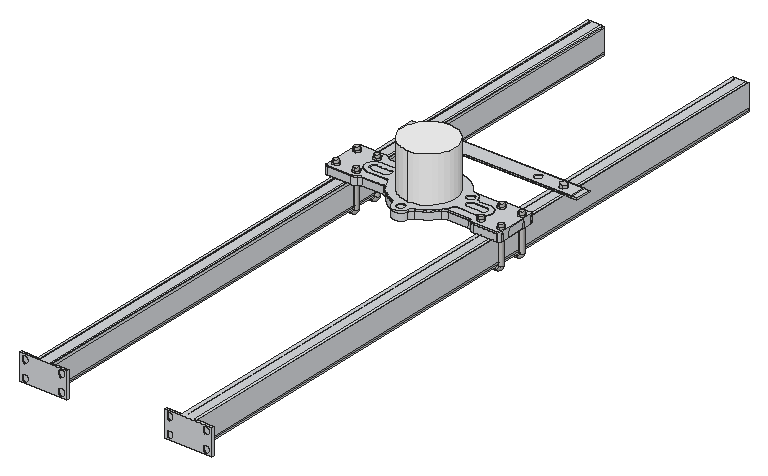
Revit family "Plate_System_Water_Coolers-Zurn_Z1218", category Plumbing Fixtures, host Face, Revit 2022
Family settings
  Host = Face
  Round Connector Dimension = Use Radius
  Part Type = Normal
  OmniClass Number = 23.45.55.11
  OmniClass Title = Sanitary Components
  Cut with Voids When Loaded = No
  Maintain Annotation Orientation = No
  Shared = No
  Room Calculation Point = No
Parameters (values of type "Z1218-3")
  Waste Connection = 1 = 1  # yes
  WFU = 1  # constant formula
  Vent Connection = 1 = 0  # no
  Product data url = "https://bimobject.com/zurnindustries/product/zurn-z1218"
  Outlet Nominal Diameter = 3.000"
  Outlet Nominal Radius = Outlet Nominal Diameter / 2  # 1.500"
  Modified Date = "11/21/2025"  # constant formula
  Manufacturer Brand = "Zurn"  # constant formula
  Hanger Vertical Adjustment [instance] = 45.000"
  URL = "http://www.zurn.com/"
  Range for Vertical Adjustment [instance] = "15'' - 55''"  # constant formula
  Range for Horizontal Adjustment [instance] = "4.375''"  # constant formula
  Product Page URL = "https://www.zurn.com/products/building-drainage/carriers-fixture-supports/lavatory-sink-carriers/z1218"
  Product Documentation Link = "https://files.zurn.com/spec-sheets/z1218.pdf"
  Model = "Z1218-3"
  Manufacturer = "Zurn Water, LLC"  # constant formula
  Hanger Horizontal Adjustment [instance] = 4.375"
  HWFU = 0  # constant formula
  HW Connection = 1 = 0  # no
  Flush Flow = 0.0 L/s
  Description = "COUPLING TYPE SYSTEM WALL URINAL / SERVICE SINK"  # constant formula
  Default Elevation = 0.000"
  Date Created = "11/13/2018"  # constant formula
  Coupling Radius = Coupling Diameter / 2  # 2.500"
  Coupling Diameter = 5.000"
  Coupling = Plastic - Zurn - White
  CWFU = 0  # constant formula
  CW Connection = 1 = 0  # no
  Bracket = Steel - Zurn - Stainless - A.R.E Coated - Type - 304
  Body = Steel - Zurn - Stainless - Type - 304
  Assembly Code = "D2010210"
Reference planes
  plane 1 "Center (Front/Back)": y = 0
  plane 2: z = 0
  plane 3 "Center (Left/Right)": x = 0
  plane 4: x = -195.411
  plane 5: x = 195.432
  plane 6: y = 1162.05
  plane 7: y = 1123.95
  plane 8: y = 1003.3
  plane 9: y = 901.7
  plane 10: x = 157.311
  plane 11: x = -157.311
  plane 12: x = -209.277
  plane 13: x = 223.689
  plane 14: y = 1681.162
  plane 15: x = -212.716
  plane 16: x = 212.716
  plane 17: x = -77.068
Lines and regions (mm)
  Masking region 1, detail levels fine
    outline origin (0, 0, 0) x (1, 0, 0) y (0, 1, 0)
      loop
        line (-195.432, 1681.162) -> (-195.432, 1162.05) -> (-209.277, 1162.05) -> (-209.277, 1123.95) -> (-195.432, 1123.95) -> (-195.432, 1003.3) -> (-212.716, 1003.3) -> (-212.716, 901.7) -> (-195.432, 901.7) -> (-195.432, 4.762) -> (-233.511, 4.762) -> (-233.511, 0) -> (-119.211, 0) -> (-119.211, 4.762) -> (-157.332, 4.762) -> (-157.332, 901.7) -> (-149.81, 901.7)
        arc (-149.81, 901.7) -> (-143.153, 903.061) -> (-137.564, 906.925) r 16.964
        arc (-137.564, 906.925) -> (-133.628, 909.647) -> (-128.939, 910.605) r 11.947
        line (-128.939, 910.605) -> (-77.635, 910.605)
        arc (-77.635, 910.605) -> (-72.368, 909.286) -> (-68.342, 905.642) r 11.181
        arc (-68.342, 905.642) -> (-50.195, 886.205) -> (-26.818, 873.529) r 82.728
        arc (-26.818, 873.529) -> (-21.6, 869.885) -> (-19.049, 864.055) r 11.749
        arc (-19.049, 864.055) -> (0.58, 846.87) -> (20.401, 863.832) r 19.931
        arc (20.401, 863.832) -> (23.134, 869.987) -> (28.628, 873.879) r 12.7
        arc (28.628, 873.879) -> (51.057, 886.232) -> (68.634, 904.851) r 82.728
        arc (68.634, 904.851) -> (73.385, 909.079) -> (79.559, 910.605) r 13.247
        line (79.559, 910.605) -> (128.939, 910.605)
        arc (128.939, 910.605) -> (134.511, 909.496) -> (139.233, 906.337) r 14.548
        arc (139.233, 906.337) -> (144.364, 902.905) -> (150.418, 901.7) r 15.807
        line (150.418, 901.7) -> (157.332, 901.7) -> (157.332, 4.762) -> (119.211, 4.762) -> (119.211, 0) -> (233.511, 0) -> (233.511, 4.762) -> (195.432, 4.762) -> (195.432, 901.7) -> (212.716, 901.7) -> (212.716, 1003.3) -> (195.432, 1003.3) -> (195.432, 1123.95) -> (223.689, 1123.95) -> (223.689, 1162.05) -> (195.432, 1162.05) -> (195.432, 1681.162) -> (157.332, 1681.162) -> (157.332, 1162.05) -> (-157.332, 1162.05) -> (-157.332, 1681.162) -> (-195.432, 1681.162)
Dimensions and locks
  plane 5 to plane 10 to plane 4 = 1.5008", 13.88672"
  plane 12 to plane 4 = 0.54589"
  plane 13 to plane 5 = 1.11249"
  plane 6 to plane 7 = 1.500"
  plane 6 to plane 8 = 6.250"
  plane 6 to plane 9 = 10.250"
  plane 17 to plane 3 "Center (Left/Right)" to nested 1 = 3.03416", 2.500"
  aligned and locked: plane 2 to host face
  aligned and locked: level to host face
  aligned and locked: plane 6 to nested 1
  aligned and locked: plane 7 to nested 1
  aligned and locked: plane 16 to nested 1
  aligned and locked: Masking region 1 sketch curve to plane 8  (x2)
  aligned and locked: plane 9 to Masking region 1 sketch curve  (x3)
  aligned and locked: Masking region 1 sketch curve to plane 6  (x3)
  aligned and locked: plane 8 to Masking region 1 sketch curve
  aligned and locked: plane 7 to Masking region 1 sketch curve  (x2)
  aligned and locked: Masking region 1 sketch curve to nested 1  (x9)
Automatic sketch dimensions
  host sketch curve to host sketch curve = 96.000"  (x2)
  plane 1 "Center (Front/Back)" to Masking region 1 sketch curve = 0.000"  (x2)
  Masking region 1 sketch curve to plane 15 = 0.000"
  Masking region 1 sketch curve to plane 12 = 0.000"
  Masking region 1 sketch curve to plane 14 = 0.000"  (x2)
  Masking region 1 sketch curve to plane 5 = 0.000"  (x3)
  Masking region 1 sketch curve to plane 16 = 0.000"
  Masking region 1 sketch curve to plane 13 = 0.000"
  plane 15 to Masking region 1 sketch curve = 0.81871"
  Masking region 1 sketch curve to plane 4 = 0.0008"  (x3)
  plane 11 to Masking region 1 sketch curve = 0.0008"  (x2)
  Masking region 1 sketch curve to plane 11 = 1.500"
  plane 3 "Center (Left/Right)" to Masking region 1 sketch curve = 0.02726"
  Masking region 1 sketch curve to Masking region 1 sketch curve = 1.27036"
  Masking region 1 sketch curve to Masking region 1 sketch curve = 1.94411"
  Masking region 1 sketch curve to plane 1 "Center (Front/Back)" = 0.1875"  (x2)
  plane 10 to Masking region 1 sketch curve = 1.500"
  Masking region 1 sketch curve to plane 10 = 0.0008"  (x2)
  Masking region 1 sketch curve to plane 13 = 0.38671"
  Masking region 1 sketch curve to Masking region 1 sketch curve = 0.1875"  (x2)
  Masking region 1 sketch curve to plane 9 = 1.56534"
  Masking region 1 sketch curve to Masking region 1 sketch curve = 0.26489"
  Masking region 1 sketch curve to plane 9 = 0.17097"
  Masking region 1 sketch curve to Masking region 1 sketch curve = 0.000"  (x2)
Nested families
  nested 1: "Z1218" at (53.836, 0, 0), type "Z1217-F32"
Connectors
  piping at (0.414, 952.72, -131.818), diameter 76.2, driven by "Waste Connection", driven by "Outlet Nominal Radius"
    settings: on nested 1, index 1, connector inside diameter 609.6 mm, connector length 0.000", flow factor 0, pipe flow 0.0 L/s, pressure drop 0.0 Pa, fitting loss kfactor 0, connector angle 0.00°, fixture units 0, engagement length 0.000", angle of deflection 0.00°, flow configuration 0, flow direction 2, fitting loss method 0, system type 16, joint type 0, gender type 0, connector reference index -1, connector utility 1, adjustable connector no, is connector primary yes, connector description "Sanitary Outlet"
  piping at (0, 952.5, 0), diameter 127, driven by "Waste Connection", driven by "Coupling Radius"
    settings: on nested 1, index 2, connector inside diameter 609.6 mm, connector length 0.000", flow factor 0, pipe flow 0.0 L/s, pressure drop 0.0 Pa, fitting loss kfactor 0, connector angle 0.00°, fixture units 0, engagement length 0.000", angle of deflection 0.00°, flow configuration 0, flow direction 1, fitting loss method 0, system type 16, joint type 0, gender type 0, connector reference index -1, connector utility 1, adjustable connector no, is connector primary no, connector description "Sanitary Inlet"
Definition of nested family "Z1218"
  Parameters (values of type "Z1218")
    a = 9.000"
    Hanger Vertical Dimension = if(Hanger Vertical Adjustment > 55.000", 55.000", if(Hanger Vertical Adjustment < 15.000", 15.000", Hanger Vertical Adjustment))  # 50.000"
    Hanger Vertical Adjustment = 50.000"
    Hanger Horizontal Dimension = 4.375"
    Hanger Horizontal Adjustment = 4.375"
    Default Elevation = 0.000"
    Coupling Radius = 5.000" / 2  # 2.500"
    Coupling Diameter [instance] = 5.000"
    Bracket Material = none
    Bolt Material = none
  Reference planes
    plane 1 "Center (Front/Back)": y = 0
    plane 2: z = 0
    plane 3 "Center (Left/Right)": x = 0
    plane 4: x = 122.525
    plane 5: x = -230.198
    plane 6: z = -111.125
    plane 7: y = 1111.25
    plane 8: y = 1079.5
    plane 9: y = 157.162
    plane 10: y = 1270
    plane 11: x = -205.726
    plane 12: x = -53.836
    plane 13: y = 1102.423
    plane 14: x = -168.136
    plane 15: x = 60.464
    plane 16: y = 1681.162
    plane 17: x = -117.336
    plane 18: x = 9.664
    plane 19: y = 1016
    plane 20: y = 1143
    plane 21: x = -230.198
  Forms (mm)
    Sweep 1, solid, material <- "Bracket Material", detail levels fine
      path origin (0, 0, 0) x (1, 0, 0) y (0, 1, 0)
        loop
          line (-230.198, 0) -> (-230.198, 4.762)
      profile origin (-230.198, 2.381, 0) x (-1, 0, 0) y (0, 0, 1)
        loop
          line (57.15, -131.818) -> (-57.15, -131.818) -> (-57.15, -195.318) -> (57.15, -195.318) -> (57.15, -131.818)
        loop
          line (-37.308, -145.311) -> (-37.308, -141.343)
          arc (-37.308, -141.343) -> (-44.45, -134.201) -> (-51.592, -141.343) r 7.142
          line (-51.592, -141.343) -> (-51.592, -145.311)
          arc (-51.592, -145.311) -> (-44.45, -152.453) -> (-37.308, -145.311) r 7.142
        loop
          line (37.308, -182.618) -> (37.308, -186.586)
          arc (37.308, -186.586) -> (44.45, -193.728) -> (51.592, -186.586) r 7.142
          line (51.592, -186.586) -> (51.592, -182.618)
          arc (51.592, -182.618) -> (44.45, -175.476) -> (37.308, -182.618) r 7.142
        loop
          line (-37.308, -185.793) -> (-37.308, -181.826)
          arc (-37.308, -181.826) -> (-44.45, -174.684) -> (-51.592, -181.826) r 7.142
          line (-51.592, -181.826) -> (-51.592, -185.793)
          arc (-51.592, -185.793) -> (-44.45, -192.936) -> (-37.308, -185.793) r 7.142
        loop
          arc (37.308, -145.311) -> (44.45, -152.453) -> (51.592, -145.311) r 7.142
          line (51.592, -145.311) -> (51.592, -141.343)
          arc (51.592, -141.343) -> (44.45, -134.201) -> (37.308, -141.343) r 7.142
          line (37.308, -141.343) -> (37.308, -145.311)
    Sweep 2, solid, material <- "Bracket Material", detail levels fine
      path origin (0, 0, 0) x (1, 0, 0) y (0, 1, 0)
        loop
          line (-230.198, 0) -> (-230.198, 1681.162)
      profile origin (-230.198, 840.581, 0) x (-1, 0, 0) y (0, 0, 1)
        loop
          line (15.875, -188.968) -> (15.875, -138.168)
          arc (15.875, -138.168) -> (14.945, -135.923) -> (12.7, -134.993) r 3.175
          line (12.7, -134.993) -> (-12.7, -134.993)
          arc (-12.7, -134.993) -> (-14.945, -135.923) -> (-15.875, -138.168) r 3.175
          line (-15.875, -138.168) -> (-15.875, -188.968)
          arc (-15.875, -188.968) -> (-14.945, -191.214) -> (-12.7, -192.143) r 3.175
          line (-12.7, -192.143) -> (12.7, -192.143)
          arc (12.7, -192.143) -> (14.945, -191.214) -> (15.875, -188.968) r 3.175
        loop
          arc (19.05, -138.168) -> (17.19, -133.678) -> (12.7, -131.818) r 6.35
          line (12.7, -131.818) -> (-12.7, -131.818)
          arc (-12.7, -131.818) -> (-17.19, -133.678) -> (-19.05, -138.168) r 6.35
          line (-19.05, -138.168) -> (-19.05, -188.968)
          arc (-19.05, -188.968) -> (-17.19, -193.459) -> (-12.7, -195.318) r 6.35
          line (-12.7, -195.318) -> (12.7, -195.318)
          arc (12.7, -195.318) -> (17.19, -193.459) -> (19.05, -188.968) r 6.35
          line (19.05, -188.968) -> (19.05, -138.168)
    Sweep 3, solid, material <- "Bracket Material", detail levels fine
      path origin (0, 0, 0) x (-1, 0, 0) y (0, 1, 0)
        loop
          line (-122.525, 0) -> (-122.525, 4.762)
      profile origin (122.525, 2.381, 0) x (-1, 0, 0) y (0, 0, 1)
        loop
          line (-57.15, -131.818) -> (-57.15, -195.318) -> (57.15, -195.318) -> (57.15, -131.818) -> (-57.15, -131.818)
        loop
          arc (37.308, -145.311) -> (44.45, -152.453) -> (51.592, -145.311) r 7.142
          line (51.592, -145.311) -> (51.592, -141.343)
          arc (51.592, -141.343) -> (44.45, -134.201) -> (37.308, -141.343) r 7.142
          line (37.308, -141.343) -> (37.308, -145.311)
        loop
          arc (-37.308, -182.618) -> (-44.45, -175.476) -> (-51.592, -182.618) r 7.142
          line (-51.592, -182.618) -> (-51.592, -186.586)
          arc (-51.592, -186.586) -> (-44.45, -193.728) -> (-37.308, -186.586) r 7.142
          line (-37.308, -186.586) -> (-37.308, -182.618)
        loop
          arc (37.308, -185.793) -> (44.45, -192.936) -> (51.592, -185.793) r 7.142
          line (51.592, -185.793) -> (51.592, -181.826)
          arc (51.592, -181.826) -> (44.45, -174.684) -> (37.308, -181.826) r 7.142
          line (37.308, -181.826) -> (37.308, -185.793)
        loop
          line (-37.308, -145.311) -> (-37.308, -141.343)
          arc (-37.308, -141.343) -> (-44.45, -134.201) -> (-51.592, -141.343) r 7.142
          line (-51.592, -141.343) -> (-51.592, -145.311)
          arc (-51.592, -145.311) -> (-44.45, -152.453) -> (-37.308, -145.311) r 7.142
    Sweep 4, solid, material <- "Bracket Material", detail levels fine
      path origin (0, 0, 0) x (-1, 0, 0) y (0, 1, 0)
        loop
          line (-122.525, 0) -> (-122.525, 1681.162)
      profile origin (122.525, 840.581, 0) x (-1, 0, 0) y (0, 0, 1)
        loop
          arc (-15.875, -188.968) -> (-14.945, -191.214) -> (-12.7, -192.143) r 3.175
          line (-12.7, -192.143) -> (12.7, -192.143)
          arc (12.7, -192.143) -> (14.945, -191.214) -> (15.875, -188.968) r 3.175
          line (15.875, -188.968) -> (15.875, -138.168)
          arc (15.875, -138.168) -> (14.945, -135.923) -> (12.7, -134.993) r 3.175
          line (12.7, -134.993) -> (-12.7, -134.993)
          arc (-12.7, -134.993) -> (-14.945, -135.923) -> (-15.875, -138.168) r 3.175
          line (-15.875, -138.168) -> (-15.875, -188.968)
        loop
          line (-19.05, -138.168) -> (-19.05, -188.968)
          arc (-19.05, -188.968) -> (-17.19, -193.459) -> (-12.7, -195.318) r 6.35
          line (-12.7, -195.318) -> (12.7, -195.318)
          arc (12.7, -195.318) -> (17.19, -193.459) -> (19.05, -188.968) r 6.35
          line (19.05, -188.968) -> (19.05, -138.168)
          arc (19.05, -138.168) -> (17.19, -133.678) -> (12.7, -131.818) r 6.35
          line (12.7, -131.818) -> (-12.7, -131.818)
          arc (-12.7, -131.818) -> (-17.19, -133.678) -> (-19.05, -138.168) r 6.35
    Sweep 5, solid, material <- "Bracket Material", detail levels fine
      path origin (0, 0, -173.093) x (1, 0, 0) y (0, 0, 1)
        loop
          line (0, 41.275) -> (0, 58.793)
      profile origin (0, 0, -123.059) x (-1, 0, 0) y (0, -1, 0)
        loop
          arc (259.574, -1130.3) -> (265.157, -1127.618) -> (266.552, -1121.584) r 7.152
          arc (266.552, -1121.584) -> (264.734, -1118.754) -> (261.518, -1117.764) r 4.898
          arc (261.518, -1117.764) -> (257.296, -1117.573) -> (253.192, -1116.567) r 21.704
          arc (253.192, -1116.567) -> (249.424, -1111.25) -> (253.192, -1105.933) r 5.636
          arc (253.192, -1105.933) -> (257.801, -1104.86) -> (262.532, -1104.812) r 21.704
          arc (262.532, -1104.812) -> (265.35, -1103.884) -> (266.552, -1101.172) r 3.658
          line (266.552, -1101.172) -> (266.552, -1057.989)
          arc (266.552, -1057.989) -> (265.35, -1055.277) -> (262.532, -1054.349) r 3.658
          arc (262.532, -1054.349) -> (257.801, -1054.301) -> (253.192, -1053.228) r 21.704
          arc (253.192, -1053.228) -> (249.424, -1047.911) -> (253.192, -1042.594) r 5.636
          arc (253.192, -1042.594) -> (256.857, -1041.656) -> (260.629, -1041.368) r 21.704
          arc (260.629, -1041.368) -> (265.598, -1038.792) -> (266.232, -1033.23) r 5.953
          arc (266.232, -1033.23) -> (263.601, -1029.94) -> (259.574, -1028.7) r 7.158
          line (259.574, -1028.7) -> (203.647, -1028.7)
          arc (203.647, -1028.7) -> (196.989, -1030.061) -> (191.4, -1033.925) r 16.964
          arc (191.4, -1033.925) -> (187.464, -1036.647) -> (182.776, -1037.605) r 11.947
          line (182.776, -1037.605) -> (131.471, -1037.605)
          arc (131.471, -1037.605) -> (126.204, -1036.286) -> (122.179, -1032.642) r 11.181
          arc (122.179, -1032.642) -> (104.031, -1013.205) -> (80.654, -1000.529) r 82.728
          arc (80.654, -1000.529) -> (75.436, -996.885) -> (72.885, -991.055) r 11.749
          arc (72.885, -991.055) -> (53.256, -973.87) -> (33.435, -990.832) r 19.931
          arc (33.435, -990.832) -> (30.703, -996.987) -> (25.208, -1000.879) r 12.7
          arc (25.208, -1000.879) -> (2.779, -1013.232) -> (-14.798, -1031.851) r 82.728
          arc (-14.798, -1031.851) -> (-19.549, -1036.079) -> (-25.723, -1037.605) r 13.247
          line (-25.723, -1037.605) -> (-75.103, -1037.605)
          arc (-75.103, -1037.605) -> (-80.675, -1036.496) -> (-85.397, -1033.337) r 14.548
          arc (-85.397, -1033.337) -> (-90.527, -1029.905) -> (-96.581, -1028.7) r 15.807
          line (-96.581, -1028.7) -> (-151.902, -1028.7)
          arc (-151.902, -1028.7) -> (-157.058, -1030.888) -> (-159.066, -1036.117) r 7.169
          arc (-159.066, -1036.117) -> (-157.338, -1039.913) -> (-153.434, -1041.379) r 5.454
          arc (-153.434, -1041.379) -> (-149.42, -1041.618) -> (-145.52, -1042.594) r 21.704
          arc (-145.52, -1042.594) -> (-141.752, -1047.911) -> (-145.52, -1053.228) r 5.636
          arc (-145.52, -1053.228) -> (-150.128, -1054.301) -> (-154.86, -1054.349) r 21.704
          arc (-154.86, -1054.349) -> (-157.677, -1055.277) -> (-158.88, -1057.989) r 3.658
          line (-158.88, -1057.989) -> (-158.88, -1101.172)
          arc (-158.88, -1101.172) -> (-157.677, -1103.884) -> (-154.86, -1104.812) r 3.658
          arc (-154.86, -1104.812) -> (-150.128, -1104.86) -> (-145.52, -1105.933) r 21.704
          arc (-145.52, -1105.933) -> (-141.752, -1111.25) -> (-145.52, -1116.567) r 5.636
          arc (-145.52, -1116.567) -> (-149.624, -1117.573) -> (-153.845, -1117.764) r 21.704
          arc (-153.845, -1117.764) -> (-157.061, -1118.754) -> (-158.88, -1121.584) r 4.898
          arc (-158.88, -1121.584) -> (-157.484, -1127.618) -> (-151.902, -1130.3) r 7.152
          line (-151.902, -1130.3) -> (-96.404, -1130.3)
          arc (-96.404, -1130.3) -> (-90.416, -1129.119) -> (-85.325, -1125.752) r 15.769
          arc (-85.325, -1125.752) -> (-80.628, -1122.646) -> (-75.103, -1121.556) r 14.548
          line (-75.103, -1121.556) -> (-25.723, -1121.556)
          arc (-25.723, -1121.556) -> (-19.549, -1123.083) -> (-14.798, -1127.31) r 13.247
          arc (-14.798, -1127.31) -> (53.9, -1163.241) -> (122.179, -1126.519) r 82.728
          arc (122.179, -1126.519) -> (126.204, -1122.875) -> (131.471, -1121.556) r 11.181
          line (131.471, -1121.556) -> (182.776, -1121.556)
          arc (182.776, -1121.556) -> (187.643, -1122.593) -> (191.665, -1125.522) r 11.947
          arc (191.665, -1125.522) -> (196.512, -1129.051) -> (202.376, -1130.3) r 14.394
          line (202.376, -1130.3) -> (259.574, -1130.3)
        loop
          circle (205.591, -1111.25) r 5.556
        loop
          circle (205.591, -1047.75) r 5.556
        loop
          circle (-97.939, -1111.25) r 5.556
        loop
          circle (-97.939, -1047.75) r 5.556
        loop
          circle (53.422, -1079.72) r 38.1
        loop
          circle (53.144, -993.007) r 9.474
        loop
          circle (-30.665, -1101.908) r 9.474
        loop
          circle (137.509, -1101.908) r 9.474
        loop
          arc (186.443, -1089.37) -> (196.313, -1079.5) -> (186.443, -1069.63) r 9.87
          line (186.443, -1069.63) -> (154.782, -1069.63)
          arc (154.782, -1069.63) -> (144.911, -1079.5) -> (154.782, -1089.37) r 9.87
          line (154.782, -1089.37) -> (186.443, -1089.37)
        loop
          line (-79.598, -1089.37) -> (-47.937, -1089.37)
          arc (-47.937, -1089.37) -> (-38.066, -1079.5) -> (-47.937, -1069.63) r 9.87
          line (-47.937, -1069.63) -> (-79.598, -1069.63)
          arc (-79.598, -1069.63) -> (-89.468, -1079.5) -> (-79.598, -1089.37) r 9.87
    Sweep 6, solid, material <- "Bolt Material", detail levels fine
      path origin (0, 0, -173.093) x (1, 0, 0) y (0, 0, 1)
        loop
          line (-254.804, 69.934) -> (-254.804, -19.807)
          arc (-254.804, -19.807) -> (-252.468, -25.446) -> (-246.83, -27.781) r 7.974
          line (-246.83, -27.781) -> (-213.529, -27.781)
          arc (-213.529, -27.781) -> (-207.916, -25.456) -> (-205.591, -19.844) r 7.938
          line (-205.591, -19.844) -> (-205.591, 69.934)
      profile origin (-254.804, 0, -148.03) x (0, -1, 0) y (1, 0, 0)
        loop
          circle (-1111.25, 0) r 5.556
    Sweep 7, solid, material <- "Bolt Material", detail levels fine
      path origin (0, 0, -173.093) x (-1, 0, 0) y (0, 0, 1)
        loop
          line (-147.131, 69.934) -> (-147.131, -19.807)
          arc (-147.131, -19.807) -> (-144.796, -25.446) -> (-139.157, -27.781) r 7.974
          line (-139.157, -27.781) -> (-105.856, -27.781)
          arc (-105.856, -27.781) -> (-100.244, -25.456) -> (-97.919, -19.844) r 7.938
          line (-97.919, -19.844) -> (-97.919, 69.934)
      profile origin (147.131, 0, -148.03) x (0, -1, 0) y (1, 0, 0)
        loop
          circle (-1111.25, 0) r 5.556
    Sweep 8, solid, material <- "Bolt Material", detail levels fine
      path origin (0, 190.5, -173.093) x (-1, 0, 0) y (0, 0, 1)
        loop
          line (-147.131, 69.934) -> (-147.131, -19.807)
          arc (-147.131, -19.807) -> (-144.796, -25.446) -> (-139.157, -27.781) r 7.974
          line (-139.157, -27.781) -> (-105.856, -27.781)
          arc (-105.856, -27.781) -> (-100.244, -25.456) -> (-97.919, -19.844) r 7.938
          line (-97.919, -19.844) -> (-97.919, 69.934)
      profile origin (147.131, 190.5, -148.03) x (0, 1, 0) y (-1, 0, 0)
        loop
          circle (857.25, 0) r 5.556
    Sweep 9, solid, material <- "Bolt Material", detail levels fine
      path origin (0, 190.5, -173.093) x (1, 0, 0) y (0, 0, -1)
        loop
          line (-254.804, -69.934) -> (-254.804, 19.807)
          arc (-254.804, 19.807) -> (-252.468, 25.446) -> (-246.83, 27.781) r 7.974
          line (-246.83, 27.781) -> (-213.529, 27.781)
          arc (-213.529, 27.781) -> (-207.916, 25.456) -> (-205.591, 19.844) r 7.938
          line (-205.591, 19.844) -> (-205.591, -69.934)
      profile origin (-254.804, 190.5, -148.03) x (0, 1, 0) y (-1, 0, 0)
        loop
          circle (857.25, 0) r 5.556
    Sweep 10, solid, material <- "Bolt Material", detail levels fine
      path origin (0, 0, -173.093) x (1, 0, 0) y (0, 0, 1)
        loop
          line (-254.804, 65.143) -> (-254.804, 58.793)
      profile origin (-254.804, 0, -111.125) x (0, -1, 0) y (1, 0, 0)
        loop
          circle (-1111.25, 0) r 5.556
        loop
          line (-1118.854, 4.39) -> (-1118.854, -4.39) -> (-1111.25, -8.781) -> (-1103.646, -4.39) -> (-1103.646, 4.39) -> (-1111.25, 8.781) -> (-1118.854, 4.39)
    Sweep 11, solid, material <- "Bolt Material", detail levels fine
      path origin (-460.395, 0, -173.093) x (-1, 0, 0) y (0, 0, 1)
        loop
          line (-254.804, 65.143) -> (-254.804, 58.793)
      profile origin (-205.591, 0, -111.125) x (0, -1, 0) y (1, 0, 0)
        loop
          circle (-1111.25, 0) r 5.556
        loop
          line (-1118.854, -4.39) -> (-1111.25, -8.781) -> (-1103.646, -4.39) -> (-1103.646, 4.39) -> (-1111.25, 8.781) -> (-1118.854, 4.39) -> (-1118.854, -4.39)
    Sweep 12, solid, material <- "Bolt Material", detail levels fine
      path origin (0, 139.7, -173.093) x (1, 0, 0) y (0, 0, -1)
        loop
          line (-254.804, -65.143) -> (-254.804, -58.793)
      profile origin (-254.804, 139.7, -111.125) x (0, 1, 0) y (-1, 0, 0)
        loop
          circle (908.05, 0) r 5.556
        loop
          line (900.446, -4.39) -> (908.05, -8.781) -> (915.654, -4.39) -> (915.654, 4.39) -> (908.05, 8.781) -> (900.446, 4.39) -> (900.446, -4.39)
    Sweep 13, solid, material <- "Bolt Material", detail levels fine
      path origin (-460.395, 139.7, -173.093) x (-1, 0, 0) y (0, 0, 1)
        loop
          line (-254.804, 65.143) -> (-254.804, 58.793)
      profile origin (-205.591, 139.7, -111.125) x (0, 1, 0) y (-1, 0, 0)
        loop
          circle (908.05, 0) r 5.556
        loop
          line (900.446, 4.39) -> (900.446, -4.39) -> (908.05, -8.781) -> (915.654, -4.39) -> (915.654, 4.39) -> (908.05, 8.781) -> (900.446, 4.39)
    Sweep 14, solid, material <- "Bolt Material", detail levels fine
      path origin (0, 0, -173.093) x (-1, 0, 0) y (0, 0, 1)
        loop
          line (-147.131, 65.143) -> (-147.131, 58.793)
      profile origin (147.131, 0, -111.125) x (0, -1, 0) y (1, 0, 0)
        loop
          circle (-1111.25, 0) r 5.556
        loop
          line (-1118.854, -4.39) -> (-1111.25, -8.781) -> (-1103.646, -4.39) -> (-1103.646, 4.39) -> (-1111.25, 8.781) -> (-1118.854, 4.39) -> (-1118.854, -4.39)
    Sweep 15, solid, material <- "Bolt Material", detail levels fine
      path origin (460.395, 0, -173.093) x (1, 0, 0) y (0, 0, 1)
        loop
          line (-362.476, 65.143) -> (-362.476, 58.793)
      profile origin (97.919, 0, -111.125) x (0, -1, 0) y (1, 0, 0)
        loop
          circle (-1111.25, 0) r 5.556
        loop
          line (-1118.854, 4.39) -> (-1118.854, -4.39) -> (-1111.25, -8.781) -> (-1103.646, -4.39) -> (-1103.646, 4.39) -> (-1111.25, 8.781) -> (-1118.854, 4.39)
    Sweep 16, solid, material <- "Bolt Material", detail levels fine
      path origin (0, 139.7, -173.093) x (-1, 0, 0) y (0, 0, 1)
        loop
          line (-147.131, 65.143) -> (-147.131, 58.793)
      profile origin (147.131, 139.7, -111.125) x (0, 1, 0) y (-1, 0, 0)
        loop
          circle (908.05, 0) r 5.556
        loop
          line (900.446, 4.39) -> (900.446, -4.39) -> (908.05, -8.781) -> (915.654, -4.39) -> (915.654, 4.39) -> (908.05, 8.781) -> (900.446, 4.39)
    Sweep 17, solid, material <- "Bolt Material", detail levels fine
      path origin (460.395, 139.7, -173.093) x (1, 0, 0) y (0, 0, -1)
        loop
          line (-362.476, -65.143) -> (-362.476, -58.793)
      profile origin (97.919, 139.7, -111.125) x (0, 1, 0) y (-1, 0, 0)
        loop
          circle (908.05, 0) r 5.556
        loop
          line (900.446, -4.39) -> (908.05, -8.781) -> (915.654, -4.39) -> (915.654, 4.39) -> (908.05, 8.781) -> (900.446, 4.39) -> (900.446, -4.39)
    Sweep 18, solid, material <- "Bracket Material", detail levels coarse
      path origin (0, 0, 0) x (1, 0, 0) y (0, 1, 0)
        loop
          line (0, 1681.162) -> (0, 0)
      profile origin (0, 840.581, 0) x (1, 0, 0) y (0, 0, 1)
        loop
          line (-287.348, -111.125) -> (-287.348, -206.375) -> (-173.048, -206.375) -> (-173.048, -111.125) -> (-287.348, -111.125)
    Sweep 19, solid, material <- "Bracket Material", detail levels coarse
      path origin (0, 0, 0) x (-1, 0, 0) y (0, 1, 0)
        loop
          line (0, 1681.162) -> (0, 0)
      profile origin (0, 840.581, 0) x (1, 0, 0) y (0, 0, 1)
        loop
          line (179.695, -111.125) -> (65.395, -111.125) -> (65.395, -206.375) -> (179.695, -206.375) -> (179.695, -111.125)
    Sweep 20, solid, material <- "Bracket Material", detail levels fine
      path origin (0, 0, 0) x (1, 0, 0) y (0, 1, 0)
        loop
          line (-230.198, 4.762) -> (-230.198, 0)
      profile origin (-230.198, 2.381, 0) x (1, 0, 0) y (0, 0, 1)
        loop
          line (57.15, -195.318) -> (57.15, -131.818) -> (-57.15, -131.818) -> (-57.15, -195.318) -> (57.15, -195.318)
    Sweep 21, solid, material <- "Bracket Material", detail levels fine
      path origin (0, 0, 0) x (-1, 0, 0) y (0, 1, 0)
        loop
          line (-122.525, 4.762) -> (-122.525, 0)
      profile origin (122.525, 2.381, 0) x (1, 0, 0) y (0, 0, 1)
        loop
          line (-57.15, -195.318) -> (57.15, -195.318) -> (57.15, -131.818) -> (-57.15, -131.818) -> (-57.15, -195.318)
    Sweep 22, solid, material <- "Bracket Material", detail levels fine
      path origin (0, 0, 0) x (1, 0, 0) y (0, 1, 0)
        loop
          line (-230.198, 1681.162) -> (-230.198, 0)
      profile origin (-230.198, 840.581, 0) x (1, 0, 0) y (0, 0, 1)
        loop
          line (371.793, -195.318) -> (371.793, -131.818) -> (333.693, -131.818) -> (333.693, -195.318) -> (371.793, -195.318)
    Sweep 23, solid, material <- "Bracket Material", detail levels fine
      path origin (0, 0, 0) x (-1, 0, 0) y (0, 1, 0)
        loop
          line (-122.525, 1681.162) -> (-122.525, 0)
      profile origin (122.525, 840.581, 0) x (1, 0, 0) y (0, 0, 1)
        loop
          line (-371.793, -195.318) -> (-333.693, -195.318) -> (-333.693, -131.818) -> (-371.793, -131.818) -> (-371.793, -195.318)
    Sweep 24, solid, material <- "Bracket Material", detail levels fine
      path origin (0, 0, 0) x (1, 0, 0) y (0, 0, 1)
        loop
          line (0, -111.125) -> (0, -131.818)
      profile origin (0, 0, -121.472) x (0, -1, 0) y (1, 0, 0)
        loop
          line (-1121.556, -131.471) -> (-1121.556, -182.776)
          arc (-1121.556, -182.776) -> (-1122.593, -187.643) -> (-1125.522, -191.665) r 11.947
          arc (-1125.522, -191.665) -> (-1129.051, -196.512) -> (-1130.3, -202.376) r 14.394
          line (-1130.3, -202.376) -> (-1130.3, -260.202)
          arc (-1130.3, -260.202) -> (-1128.44, -264.693) -> (-1123.95, -266.552) r 6.35
          line (-1123.95, -266.552) -> (-1035.05, -266.552)
          arc (-1035.05, -266.552) -> (-1030.56, -264.693) -> (-1028.7, -260.202) r 6.35
          line (-1028.7, -260.202) -> (-1028.7, -203.647)
          arc (-1028.7, -203.647) -> (-1030.061, -196.989) -> (-1033.925, -191.4) r 16.964
          arc (-1033.925, -191.4) -> (-1036.647, -187.464) -> (-1037.605, -182.776) r 11.947
          line (-1037.605, -182.776) -> (-1037.605, -131.471)
          arc (-1037.605, -131.471) -> (-1036.286, -126.204) -> (-1032.642, -122.179) r 11.181
          arc (-1032.642, -122.179) -> (-1013.205, -104.031) -> (-1000.529, -80.654) r 82.728
          arc (-1000.529, -80.654) -> (-996.885, -75.436) -> (-991.055, -72.885) r 11.749
          arc (-991.055, -72.885) -> (-973.87, -53.256) -> (-990.832, -33.435) r 19.931
          arc (-990.832, -33.435) -> (-996.987, -30.703) -> (-1000.879, -25.208) r 12.7
          arc (-1000.879, -25.208) -> (-1013.232, -2.779) -> (-1031.851, 14.798) r 82.728
          arc (-1031.851, 14.798) -> (-1036.079, 19.549) -> (-1037.605, 25.723) r 13.247
          line (-1037.605, 25.723) -> (-1037.605, 75.103)
          arc (-1037.605, 75.103) -> (-1036.496, 80.675) -> (-1033.337, 85.397) r 14.548
          arc (-1033.337, 85.397) -> (-1029.905, 90.527) -> (-1028.7, 96.581) r 15.807
          line (-1028.7, 96.581) -> (-1028.7, 152.53)
          arc (-1028.7, 152.53) -> (-1030.56, 157.02) -> (-1035.05, 158.88) r 6.35
          line (-1035.05, 158.88) -> (-1123.95, 158.88)
          arc (-1123.95, 158.88) -> (-1128.44, 157.02) -> (-1130.3, 152.53) r 6.35
          line (-1130.3, 152.53) -> (-1130.3, 96.404)
          arc (-1130.3, 96.404) -> (-1129.119, 90.416) -> (-1125.752, 85.325) r 15.769
          arc (-1125.752, 85.325) -> (-1122.646, 80.628) -> (-1121.556, 75.103) r 14.548
          line (-1121.556, 75.103) -> (-1121.556, 25.723)
          arc (-1121.556, 25.723) -> (-1123.083, 19.549) -> (-1127.31, 14.798) r 13.247
          arc (-1127.31, 14.798) -> (-1163.241, -53.9) -> (-1126.519, -122.179) r 82.728
          arc (-1126.519, -122.179) -> (-1122.875, -126.204) -> (-1121.556, -131.471) r 11.181
    Sweep 25, solid, material <- "Bolt Material", detail levels fine
      path origin (19.505, -1117.43, -174.685) x (1, 0, 0) y (0, 0, 1)
        loop
          line (-254.804, 54.003) -> (-254.804, 46.038)
      profile origin (-235.299, -1117.43, -124.665) x (0, -1, 0) y (1, 0, 0)
        loop
          line (-2395.034, 9.492) -> (-2395.034, 0.711) -> (-2387.43, -3.679) -> (-2379.826, 0.711) -> (-2379.826, 9.492) -> (-2387.43, 13.882) -> (-2395.034, 9.492)
    Sweep 26, solid, material <- "Bracket Material", detail levels fine
      path origin (0, 0, 0) x (1, 0, 0) y (0, 0, 1)
        loop
          line (-227.023, -131.818) -> (-227.023, -128.647)
      profile origin (-227.023, 0, -130.233) x (-1, 0, 0) y (0, -1, 0)
        loop
          line (36.091, -1289.05) -> (36.091, -1250.95) -> (-396.875, -1250.95) -> (-396.875, -1289.05) -> (36.091, -1289.05)
        loop
          circle (-58.886, -1270) r 9.474
        loop
          circle (-287.486, -1270) r 9.474
    Sweep 27, solid, material <- "Bolt Material", detail levels fine
      path origin (479.9, -1117.43, -174.685) x (1, 0, 0) y (0, 0, 1)
        loop
          line (-362.476, 54.003) -> (-362.476, 46.038)
      profile origin (117.424, -1117.43, -124.665) x (0, -1, 0) y (1, 0, 0)
        loop
          line (-2395.034, 9.492) -> (-2395.034, 0.711) -> (-2387.43, -3.679) -> (-2379.826, 0.711) -> (-2379.826, 9.492) -> (-2387.43, 13.882) -> (-2395.034, 9.492)
    Sweep 28, solid, material <- "Bracket Material", detail levels fine
      path origin (0, 0, 0) x (1, 0, 0) y (0, 0, 1)
        loop
          line (-152.546, -128.647) -> (-152.546, -131.818)
      profile origin (-152.546, 0, -130.233) x (0, -1, 0) y (1, 0, 0)
        loop
          line (-1289.05, 307.987) -> (-1289.05, -110.567) -> (-1250.95, -110.567) -> (-1250.95, 307.987) -> (-1289.05, 307.987)
    Sweep 29, solid, material <- "Bracket Material", detail levels coarse
      path origin (0, 0, 0) x (1, 0, 0) y (0, 0, 1)
        loop
          line (-80.551, -111.125) -> (-80.551, -131.818)
      profile origin (-80.551, 0, -121.472) x (0, -1, 0) y (1, 0, 0)
        loop
          line (-1289.05, -166.687) -> (-1250.95, -166.687) -> (-1250.95, 203.076) -> (-1289.05, 203.076) -> (-1289.05, -166.687)
    Sweep 30, solid, material <- "Bracket Material", detail levels fine
      path origin (0, 0, 0) x (1, 0, 0) y (0, 0, 1)
        loop
          line (-8.972, -114.3) -> (-8.972, -111.125)
      profile origin (-8.972, 0, -112.712) x (-1, 0, 0) y (0, -1, 0)
        loop
          arc (71.682, -1000.529) -> (66.464, -996.885) -> (63.912, -991.055) r 11.749
          arc (63.912, -991.055) -> (44.284, -973.87) -> (24.463, -990.832) r 19.931
          arc (24.463, -990.832) -> (21.73, -996.987) -> (16.236, -1000.879) r 12.7
          arc (16.236, -1000.879) -> (-14.828, -1020.941) -> (-34.048, -1052.533) r 82.728
          arc (-34.048, -1052.533) -> (-36.897, -1056.412) -> (-41.478, -1057.891) r 7.83
          line (-41.478, -1057.891) -> (-87.796, -1057.891)
          arc (-87.796, -1057.891) -> (-109.337, -1079.432) -> (-87.796, -1100.972) r 21.541
          line (-87.796, -1100.972) -> (-60.36, -1100.972)
          arc (-60.36, -1100.972) -> (-56.387, -1102.369) -> (-54.161, -1105.944) r 6.35
          arc (-54.161, -1105.944) -> (-47.172, -1117.171) -> (-34.695, -1121.556) r 19.942
          arc (-34.695, -1121.556) -> (-28.521, -1123.083) -> (-23.771, -1127.31) r 13.247
          arc (-23.771, -1127.31) -> (44.928, -1163.241) -> (113.206, -1126.519) r 82.728
          arc (113.206, -1126.519) -> (117.231, -1122.875) -> (122.499, -1121.556) r 11.181
          arc (122.499, -1121.556) -> (134.105, -1117.535) -> (140.735, -1107.195) r 18.759
          arc (140.735, -1107.195) -> (143.609, -1102.715) -> (148.638, -1100.972) r 8.129
          line (148.638, -1100.972) -> (177.651, -1100.972)
          arc (177.651, -1100.972) -> (199.192, -1079.432) -> (177.651, -1057.891) r 21.541
          line (177.651, -1057.891) -> (130.37, -1057.891)
          arc (130.37, -1057.891) -> (125.796, -1056.413) -> (122.95, -1052.539) r 7.82
          arc (122.95, -1052.539) -> (103.366, -1020.571) -> (71.682, -1000.529) r 82.728
        loop
          circle (44.864, -1079.5) r 38.1
        loop
          circle (128.537, -1101.908) r 9.474
        loop
          circle (-39.637, -1101.908) r 9.474
        loop
          arc (-88.57, -1069.63) -> (-98.441, -1079.5) -> (-88.57, -1089.37) r 9.87
          line (-88.57, -1089.37) -> (-56.909, -1089.37)
          arc (-56.909, -1089.37) -> (-47.039, -1079.5) -> (-56.909, -1069.63) r 9.87
          line (-56.909, -1069.63) -> (-88.57, -1069.63)
        loop
          arc (145.809, -1069.63) -> (135.939, -1079.5) -> (145.809, -1089.37) r 9.87
          line (145.809, -1089.37) -> (177.47, -1089.37)
          arc (177.47, -1089.37) -> (187.341, -1079.5) -> (177.47, -1069.63) r 9.87
          line (177.47, -1069.63) -> (145.809, -1069.63)
        loop
          circle (44.171, -993.007) r 9.474
    Sweep 31, solid, material <- "Bracket Material", detail levels coarse
      path origin (0, 0, 0) x (1, 0, 0) y (0, 0, 1)
        loop
          line (-43.67, -111.125) -> (-43.67, -131.818)
      profile origin (-43.67, 0, -121.472) x (0, -1, 0) y (1, 0, 0)
        loop
          line (-1163.241, -222.883) -> (-973.882, -222.883) -> (-973.882, 202.55) -> (-1163.241, 202.55) -> (-1163.241, -222.883)
  Cuts and joins
    joined: Sweep 1, Sweep 2, Sweep 26
    joined: Sweep 3, Sweep 4
    joined: Sweep 6, Sweep 10, Sweep 11
    joined: Sweep 9, Sweep 12, Sweep 13
    joined: Sweep 7, Sweep 14, Sweep 15
    joined: Sweep 8, Sweep 16, Sweep 17
    joined: Sweep 18, Sweep 19, Sweep 29, Sweep 31
    joined: Sweep 20, Sweep 21, Sweep 22, Sweep 23, Sweep 24, Sweep 28
  Lines and regions (mm)
    symbolic lines, detail levels fine
      curve 1: line (0, 1111.25, -111.125) -> (0, 1111.25, -107.95)
      curve 2: line (0, 1270, -128.647) -> (0, 1270, -120.682)
      curve 3: line (0, 1047.75, -107.95) -> (0, 1047.75, -111.125)
    model lines, detail levels coarse+medium
      curve 4: line (122.525, 0, -111.125) -> (122.525, 1681.162, -111.125)
      curve 5: line (-230.198, 1681.162, -111.125) -> (-230.198, 0, -111.125)
      curve 6: line (-230.198, 1079.5, -111.125) -> (122.525, 1079.5, -111.125)
      curve 7: line (122.525, 1270, -111.125) -> (-230.198, 1270, -111.125)
      curve 9: line (-117.336, 1079.5, 0) -> (9.664, 1079.5, 0)
      curve 10: line (-53.836, 1016, 0) -> (-53.836, 1143, 0)
    model lines
      curve 8: line (-53.836, 1079.5, -111.125) -> (-53.836, 1079.5, 0)
  Dimensions and locks
    locked: plane 1 "Center (Front/Back)" to Sweep 1 sketch curve at 4.762
    locked: plane 1 "Center (Front/Back)" to Sweep 2 sketch curve at 1681.162
    locked: plane 1 "Center (Front/Back)" to Sweep 3 sketch curve at 4.762
    locked: plane 1 "Center (Front/Back)" to Sweep 4 sketch curve at 1681.162
    "Hanger Horizontal Dimension": level to plane 6
    locked: Sweep 9 sketch curve to plane 7 at 63.5
    locked: Sweep 8 sketch curve to plane 7 at 63.5
    Sweep 10 sketch curve to Sweep 10 sketch curve to Sweep 10 sketch curve = 0.29938" locked, 0.29938" locked
    Sweep 11 sketch curve to Sweep 11 sketch curve to Sweep 11 sketch curve = 0.29938" locked, 0.29938" locked
    Sweep 12 sketch curve to Sweep 12 sketch curve to Sweep 12 sketch curve = 0.29938" locked, 0.29938" locked
    Sweep 13 sketch curve to Sweep 13 sketch curve to Sweep 13 sketch curve = 0.29938" locked, 0.29938" locked
    locked: Sweep 12 sketch curve to plane 7 at 63.5
    locked: Sweep 13 sketch curve to plane 7 at 63.5
    locked: Sweep 5 sketch curve to plane 7 at 63.5
    Sweep 14 sketch curve to Sweep 14 sketch curve to Sweep 14 sketch curve = 0.29938" locked, 0.29938" locked
    Sweep 15 sketch curve to Sweep 15 sketch curve to Sweep 15 sketch curve = 0.29938" locked, 0.29938" locked
    Sweep 16 sketch curve to Sweep 16 sketch curve to Sweep 16 sketch curve = 0.29938" locked, 0.29938" locked
    Sweep 17 sketch curve to Sweep 17 sketch curve to Sweep 17 sketch curve = 0.29938" locked, 0.29938" locked
    locked: Sweep 16 sketch curve to plane 7 at 63.5
    locked: Sweep 17 sketch curve to plane 7 at 63.5
    plane 6 to Sweep 5 sketch curve to Sweep 5 sketch curve = 0.125", 0.6897" locked
    locked: plane 6 to Sweep 9 sketch curve at 89.75
    locked: plane 6 to Sweep 6 sketch curve at 89.75
    Sweep 13 sketch curve to plane 6 to Sweep 13 sketch curve = 0.125" locked, 0.125" locked
    Sweep 11 sketch curve to plane 6 to Sweep 11 sketch curve = 0.125" locked, 0.125" locked
    plane 6 to Sweep 1 sketch curve to Sweep 1 sketch curve = 0.8147" locked, 2.500" locked
    locked: plane 6 to Sweep 8 sketch curve at 89.75
    locked: plane 6 to Sweep 7 sketch curve at 89.75
    Sweep 16 sketch curve to plane 6 to Sweep 16 sketch curve = 0.125" locked, 0.125" locked
    Sweep 14 sketch curve to plane 6 to Sweep 14 sketch curve = 0.125" locked, 0.125" locked
    Sweep 17 sketch curve to plane 6 to Sweep 17 sketch curve = 0.125" locked, 0.125" locked
    Sweep 15 sketch curve to plane 6 to Sweep 15 sketch curve = 0.125" locked, 0.125" locked
    plane 6 to Sweep 3 sketch curve to Sweep 3 sketch curve = 0.8147" locked, 2.500" locked
    locked: Sweep 2 sketch curve to Sweep 2 sketch curve at 63.5
    locked: Sweep 2 sketch curve to Sweep 2 sketch curve at 57.15
    locked: plane 6 to Sweep 2 sketch curve at 20.693
    locked: Sweep 4 sketch curve to Sweep 4 sketch curve at 63.5
    locked: Sweep 4 sketch curve to Sweep 4 sketch curve at 57.15
    locked: plane 6 to Sweep 4 sketch curve at 23.868
    locked: Sweep 4 sketch curve to Sweep 4 sketch curve at 31.75
    locked: Sweep 4 sketch curve to Sweep 4 sketch curve at 38.1
    locked: Sweep 2 sketch curve to Sweep 2 sketch curve at 31.75
    locked: Sweep 2 sketch curve to Sweep 2 sketch curve at 38.1
    locked: plane 6 to Sweep 3 sketch curve at 30.218
    locked: plane 6 to Sweep 3 sketch curve at 34.186
    locked: plane 6 to Sweep 1 sketch curve at 30.218
    locked: plane 6 to Sweep 1 sketch curve at 34.186
    locked: plane 6 to Sweep 18 sketch curve at 95.25
    locked: Sweep 19 sketch curve to Sweep 19 sketch curve at 95.25
    locked: plane 1 "Center (Front/Back)" to Sweep 18 sketch curve at 1681.162
    locked: plane 1 "Center (Front/Back)" to Sweep 19 sketch curve at 1681.162
    locked: plane 1 "Center (Front/Back)" to Sweep 20 sketch curve at 4.762
    locked: Sweep 20 sketch curve to Sweep 20 sketch curve at 63.5
    locked: plane 6 to Sweep 20 sketch curve at 20.693
    locked: Sweep 21 sketch curve to Sweep 21 sketch curve at 63.5
    locked: plane 1 "Center (Front/Back)" to Sweep 21 sketch curve at 4.762
    locked: plane 1 "Center (Front/Back)" to Sweep 22 sketch curve at 1681.162
    Sweep 22 sketch curve to Sweep 22 sketch curve to plane 6 = 2.500" locked, 0.8147" locked
    locked: Sweep 23 sketch curve to Sweep 23 sketch curve at 63.5
    locked: Sweep 23 sketch curve to plane 6 at 20.693
    locked: plane 1 "Center (Front/Back)" to Sweep 23 sketch curve at 1681.162
    locked: plane 6 to Sweep 21 sketch curve at 20.693
    plane 6 to Sweep 24 sketch curve to Sweep 24 sketch curve = 0.000", 0.8147" locked
    plane 6 to cut or joined group of Sweep 18, Sweep 19, Sweep 29, Sweep 31 = 3.750"
    locked: plane 8 to plane 7 at 31.75
    locked: Sweep 25 sketch curve to Sweep 25 sketch curve at 7.965
    locked: plane 6 to Sweep 25 sketch curve at 9.557
    locked: plane 6 to Sweep 26 sketch curve at 17.522
    locked: Sweep 26 sketch curve to Sweep 26 sketch curve at 3.171
    locked: Sweep 27 sketch curve to Sweep 27 sketch curve at 7.965
    Sweep 23 sketch curve to plane 5 to Sweep 23 sketch curve = 0.7508" locked, 0.7492" locked
    Sweep 22 sketch curve to plane 4 to Sweep 22 sketch curve = 0.7492" locked, 0.7508" locked
    Sweep 19 sketch curve to plane 4 to Sweep 19 sketch curve = 2.2508" locked, 2.2492" locked
    Sweep 5 sketch curve to Sweep 5 sketch curve to plane 4 = 0.000" locked, 0.96795" locked
    Sweep 26 sketch curve to plane 10 to Sweep 26 sketch curve = 0.750" locked, 0.750" locked
    Sweep 27 sketch curve to Sweep 27 sketch curve = 0.69139"
    Sweep 27 sketch curve to Sweep 27 sketch curve = 0.34569"  (x2)
    Sweep 27 sketch curve to Sweep 27 sketch curve = 0.59876"
    Sweep 27 sketch curve to plane 4 to Sweep 27 sketch curve = 0.34569" locked, 0.34569" locked
    Sweep 27 sketch curve to Sweep 27 sketch curve to plane 4 to Sweep 27 sketch curve to Sweep 27 sketch curve = 0.000" locked, 0.17285" locked, 0.17285" locked, 0.000" locked
    Sweep 25 sketch curve to Sweep 25 sketch curve = 0.59876"
    Sweep 25 sketch curve to plane 10 to Sweep 25 sketch curve = 0.29938" locked, 0.29938" locked
    Sweep 28 sketch curve to Sweep 28 sketch curve to plane 6 = 0.12485" locked, 0.68985" locked
    locked: plane 6 to Sweep 29 sketch curve at 20.693
    Sweep 30 sketch curve to plane 6 to Sweep 30 sketch curve = 0.000" locked, 0.125" locked
    Sweep 30 sketch curve to plane 8 to Sweep 30 sketch curve = 0.84537" locked, 0.85075" locked
    Sweep 30 sketch curve to plane 8 to Sweep 30 sketch curve = 0.85075" locked, 0.84537" locked
    locked: plane 8 to Sweep 30 sketch curve at 85.699
    locked: plane 8 to Sweep 30 sketch curve at 86.493
    locked: Sweep 30 sketch curve to plane 7 at 30.736
    Sweep 24 sketch curve to plane 8 to Sweep 24 sketch curve = 2.000" locked, 2.000" locked  (x2)
    locked: plane 8 to Sweep 24 sketch curve at 85.699
    locked: Sweep 24 sketch curve to plane 7 at 30.736
    locked: Sweep 10 sketch curve to plane 6 at 3.175
    locked: Sweep 12 sketch curve to plane 6 at 3.175
    locked: Sweep 6 sketch curve to plane 6 at 7.965  (x2)
    locked: plane 6 to Sweep 12 sketch curve at 3.175
    locked: plane 6 to Sweep 10 sketch curve at 3.175
    Sweep 9 sketch curve to Sweep 9 sketch curve to plane 6 = 0.000" locked, 0.3136" locked
    Sweep 8 sketch curve to Sweep 8 sketch curve to plane 6 = 0.000" locked, 0.3136" locked
    Sweep 7 sketch curve to Sweep 7 sketch curve to plane 6 = 0.000" locked, 0.3136" locked
    locked: plane 6 to Sweep 31 sketch curve at 20.693
    locked: Sweep 31 sketch curve to plane 6 at 0
    Sweep 31 sketch curve to plane 8 to Sweep 31 sketch curve = 4.15819" locked, 3.29689" locked
    equal spacing: plane 5, plane 12, plane 4
    Sweep 5 to Sweep 5 to plane 8 to Sweep 5 to Sweep 5 = 0.000", 1.65575", 1.64941", 0.000"
    Sweep 5 to plane 8 to Sweep 5 = 1.65575", 1.64941"  (x2)
    locked: plane 10 to plane 8 at 190.5
    Sweep 28 sketch curve to plane 10 to Sweep 28 sketch curve = 0.750" locked, 0.750" locked
    Sweep 27 sketch curve to plane 10 to Sweep 27 sketch curve = 0.29938" locked, 0.29938" locked
    locked: plane 13 to plane 7 at 8.827
    locked: plane 6 to Sweep 5 at 20.693
    "Hanger Vertical Dimension": plane 10 to plane 1 "Center (Front/Back)"
    Sweep 29 sketch curve to plane 10 to Sweep 29 sketch curve = 0.750" locked, 0.750" locked
    equal spacing: plane 14, plane 12, plane 15
    "a": plane 14 to plane 15
    Sweep 5 to plane 8 to Sweep 5 = 1.65575" locked, 1.64941" locked
    Sweep 5 to Sweep 5 = 3.30517"  (x2)
    "Coupling Radius": plane 17 to plane 12
    "Coupling Radius": plane 12 to plane 18
    plane 5 to plane 12 = 6.94336"
    plane 12 to plane 4 = 6.94336"
    "Coupling Radius": plane 8 to plane 19
    "Coupling Radius": plane 20 to plane 8
    radius of Sweep 2 sketch curve = 0.250"  (x4)
    radius of Sweep 2 sketch curve = 0.125"  (x4)
    radius of Sweep 4 sketch curve = 0.250"  (x4)
    radius of Sweep 4 sketch curve = 0.125"  (x4)
    diameter of Sweep 30 = 3.000"
    diameter of Sweep 30 sketch curve = 3.000"
    diameter of Sweep 5 sketch curve = 3.000"
    aligned and locked: level to plane 2
    aligned and locked: plane 1 "Center (Front/Back)" to Sweep 1 sketch curve
    aligned and locked: plane 1 "Center (Front/Back)" to Sweep 2 sketch curve
    aligned and locked: plane 1 "Center (Front/Back)" to Sweep 3 sketch curve
    aligned and locked: plane 1 "Center (Front/Back)" to Sweep 4 sketch curve
    aligned and locked: plane 7 to Sweep 6 sketch curve
    aligned and locked: plane 7 to Sweep 7 sketch curve
    aligned and locked: plane 7 to Sweep 10 sketch curve
    aligned and locked: plane 7 to Sweep 11 sketch curve
    aligned and locked: plane 7 to Sweep 15 sketch curve
    aligned and locked: plane 7 to Sweep 14 sketch curve
    aligned and locked: Sweep 18 sketch curve to plane 3 "Center (Left/Right)"
    aligned and locked: Sweep 18 sketch curve to plane 6
    aligned and locked: plane 6 to Sweep 19 sketch curve
    aligned and locked: plane 1 "Center (Front/Back)" to Sweep 19 sketch curve
    aligned and locked: plane 1 "Center (Front/Back)" to Sweep 20 sketch curve
    aligned and locked: plane 1 "Center (Front/Back)" to Sweep 21 sketch curve
    aligned and locked: plane 1 "Center (Front/Back)" to Sweep 22 sketch curve
    aligned and locked: Sweep 22 sketch curve to plane 5
    aligned and locked: plane 1 "Center (Front/Back)" to Sweep 23 sketch curve
    aligned and locked: cut or joined group of Sweep 6, Sweep 10, Sweep 11 to curve 1
    aligned and locked: curve 2 to Sweep 25
    aligned and locked: plane 6 to Sweep 29 sketch curve
    aligned and locked: Sweep 29 sketch curve to plane 4
    aligned and locked: plane 8 to Sweep 30 sketch curve
    aligned and locked: level to nested 1
    aligned and locked: nested 1 to plane 8
    aligned and locked: plane 10 to Sweep 26 sketch curve  (x2)
    aligned and locked: plane 14 to Sweep 26 sketch curve
    aligned and locked: plane 15 to Sweep 26 sketch curve
    aligned and locked: curve 3 to cut or joined group of Sweep 9, Sweep 12, Sweep 13
    aligned and locked: cut or joined group of Sweep 18, Sweep 19, Sweep 29, Sweep 31 to plane 16  (x2)
    aligned and locked: cut or joined group of Sweep 20, Sweep 21, Sweep 22, Sweep 23, Sweep 24, Sweep 28 to plane 16  (x2)
    aligned and locked: plane 16 to curve 4
    aligned and locked: plane 1 "Center (Front/Back)" to curve 4
    aligned and locked: curve 4 to plane 4
    aligned and locked: plane 16 to curve 5
    aligned and locked: plane 1 "Center (Front/Back)" to curve 5
    aligned and locked: plane 5 to curve 6
    aligned and locked: plane 4 to curve 6
    aligned and locked: curve 6 to plane 6
    aligned and locked: plane 4 to curve 7
    aligned and locked: plane 5 to curve 7
    aligned and locked: curve 7 to plane 6
    aligned and locked: plane 12 to Sweep 30 sketch curve
    aligned and locked: plane 21 to curve 5
    aligned and locked: plane 17 to nested 1
    aligned and locked: plane 18 to nested 1
    aligned and locked: level to curve 8
    aligned and locked: curve 5 to curve 8
    aligned and locked: curve 8 to plane 8
    aligned and locked: plane 17 to curve 9
    aligned and locked: plane 18 to curve 9
    aligned and locked: curve 9 to plane 8
    aligned and locked: plane 20 to curve 10
    aligned and locked: plane 19 to curve 10
    aligned and locked: curve 10 to plane 12
  Automatic sketch dimensions
    Sweep 1 sketch curve to plane 5 = 0.000"
    profile plane to Sweep 1 sketch curve = 2.250"
    Sweep 1 sketch curve to Sweep 1 sketch curve = 0.2188"  (x3)
    Sweep 1 sketch curve to Sweep 1 sketch curve = 0.2812"  (x4)
    Sweep 1 sketch curve to profile plane = 1.4688"  (x2)
    Sweep 1 sketch curve to Sweep 1 sketch curve = 0.3438"
    Sweep 1 sketch curve to Sweep 1 sketch curve = 0.375"
    Sweep 1 sketch curve to Sweep 1 sketch curve = 0.1562"  (x3)
    Sweep 1 sketch curve to Sweep 1 sketch curve = 0.5312"
    Sweep 2 sketch curve to plane 5 = 0.000"
    Sweep 2 sketch curve to Sweep 2 sketch curve = 0.000"  (x5)
    profile plane to Sweep 2 sketch curve = 0.750"
    Sweep 3 sketch curve to plane 4 = 0.000"
    profile plane to Sweep 3 sketch curve = 2.250"
    Sweep 3 sketch curve to Sweep 3 sketch curve = 0.2188"  (x3)
    Sweep 3 sketch curve to Sweep 3 sketch curve = 0.2812"  (x4)
    Sweep 3 sketch curve to profile plane = 1.4688"  (x2)
    Sweep 3 sketch curve to Sweep 3 sketch curve = 0.3438"
    Sweep 3 sketch curve to Sweep 3 sketch curve = 0.375"
    Sweep 3 sketch curve to Sweep 3 sketch curve = 0.1562"  (x3)
    Sweep 3 sketch curve to Sweep 3 sketch curve = 0.5312"
    Sweep 4 sketch curve to plane 4 = 0.000"
    Sweep 4 sketch curve to Sweep 4 sketch curve = 0.000"  (x5)
    profile plane to Sweep 4 sketch curve = 0.750"
    Sweep 5 sketch curve to plane 3 "Center (Left/Right)" = 0.000"
    Sweep 5 sketch curve to Sweep 5 sketch curve = 0.000"  (x22)
    Sweep 5 sketch curve to Sweep 5 sketch curve = 1.94679"  (x2)
    Sweep 5 sketch curve to Sweep 5 sketch curve = 0.17772"  (x4)
    Sweep 5 sketch curve to Sweep 5 sketch curve = 0.20966"  (x4)
    Sweep 5 sketch curve to Sweep 5 sketch curve = 0.03194"  (x4)
    Sweep 5 sketch curve to Sweep 5 sketch curve = 0.06747"
    Sweep 5 sketch curve to Sweep 5 sketch curve = 0.08659"  (x2)
    Sweep 5 sketch curve to Sweep 5 sketch curve = 0.09876"  (x4)
    Sweep 5 sketch curve to Sweep 5 sketch curve = 0.14403"  (x2)
    Sweep 5 sketch curve to Sweep 5 sketch curve = 0.05346"
    Sweep 5 sketch curve to Sweep 5 sketch curve = 0.06045"
    Sweep 5 sketch curve to Sweep 5 sketch curve = 0.7221"
    Sweep 5 sketch curve to Sweep 5 sketch curve = 0.8456"
    Sweep 5 sketch curve to Sweep 5 sketch curve = 0.83861"
    Sweep 5 sketch curve to Sweep 5 sketch curve = 1.2465"  (x2)
    Sweep 5 sketch curve to Sweep 5 sketch curve = 0.680"  (x2)
    profile plane to Sweep 5 sketch curve = 1.0127"
    Sweep 5 sketch curve to Sweep 5 sketch curve = 0.19457"
    Sweep 5 sketch curve to profile plane = 0.82192"
    Sweep 5 sketch curve to Sweep 5 sketch curve = 1.27036"
    Sweep 5 sketch curve to profile plane = 2.10324"
    Sweep 5 sketch curve to Sweep 5 sketch curve = 1.23533"
    Sweep 5 sketch curve to Sweep 5 sketch curve = 3.07279"
    Sweep 5 sketch curve to Sweep 5 sketch curve = 1.84843"
    Sweep 5 sketch curve to Sweep 5 sketch curve = 0.23772"
    Sweep 5 sketch curve to Sweep 5 sketch curve = 2.01985"
    Sweep 5 sketch curve to Sweep 5 sketch curve = 1.10213"
    Sweep 5 sketch curve to Sweep 5 sketch curve = 0.77167"
    Sweep 5 sketch curve to Sweep 5 sketch curve = 0.8217"
    Sweep 5 sketch curve to Sweep 5 sketch curve = 0.12659"
    Sweep 5 sketch curve to Sweep 5 sketch curve = 0.07656"
    Sweep 5 sketch curve to Sweep 5 sketch curve = 1.94758"  (x2)
    Sweep 5 sketch curve to Sweep 5 sketch curve = 0.04414"
    Sweep 5 sketch curve to Sweep 5 sketch curve = 0.00634"  (x2)
    Sweep 5 sketch curve to Sweep 5 sketch curve = 0.39678"  (x4)
    Sweep 5 sketch curve to Sweep 5 sketch curve = 0.20006"  (x4)
    Sweep 5 sketch curve to Sweep 5 sketch curve = 0.8614"  (x4)
    Sweep 5 sketch curve to Sweep 5 sketch curve = 0.35501"
    Sweep 5 sketch curve to Sweep 5 sketch curve = 0.3886"  (x2)
    Sweep 5 sketch curve to Sweep 5 sketch curve = 0.04227"
    Sweep 5 sketch curve to Sweep 5 sketch curve = 0.03125"  (x2)
    Sweep 5 sketch curve to Sweep 5 sketch curve = 1.29999"  (x2)
    Sweep 5 sketch curve to Sweep 5 sketch curve = 0.49359"  (x2)
    Sweep 5 sketch curve to Sweep 5 sketch curve = 0.12918"
    Sweep 5 sketch curve to Sweep 5 sketch curve = 0.18332"
    Sweep 5 sketch curve to Sweep 5 sketch curve = 0.22243"
    Sweep 5 sketch curve to Sweep 5 sketch curve = 0.27657"
    Sweep 5 sketch curve to Sweep 5 sketch curve = 0.44903"  (x2)
    Sweep 5 sketch curve to Sweep 5 sketch curve = 0.01941"  (x2)
    Sweep 5 sketch curve to Sweep 5 sketch curve = 0.12839"  (x2)
    Sweep 5 sketch curve to Sweep 5 sketch curve = 0.15317"  (x2)
    Sweep 5 sketch curve to Sweep 5 sketch curve = 0.4402"  (x2)
    Sweep 5 sketch curve to Sweep 5 sketch curve = 0.47034"  (x2)
    Sweep 5 sketch curve to Sweep 5 sketch curve = 0.52155"  (x2)
    Sweep 5 sketch curve to Sweep 5 sketch curve = 0.57276"  (x2)
    Sweep 5 sketch curve to Sweep 5 sketch curve = 0.08212"
    Sweep 5 sketch curve to Sweep 5 sketch curve = 0.12769"
    Sweep 5 sketch curve to Sweep 5 sketch curve = 1.26081"  (x2)
    Sweep 5 sketch curve to Sweep 5 sketch curve = 0.47177"
    Sweep 5 sketch curve to Sweep 5 sketch curve = 0.00234"
    Sweep 5 sketch curve to Sweep 5 sketch curve = 0.47451"
    Sweep 5 sketch curve to Sweep 5 sketch curve = 0.01743"
    Sweep 5 sketch curve to Sweep 5 sketch curve = 0.12272"
    Sweep 5 sketch curve to Sweep 5 sketch curve = 0.10489"
    Sweep 5 sketch curve to Sweep 5 sketch curve = 0.62231"
    Sweep 5 sketch curve to Sweep 5 sketch curve = 0.66788"
    Sweep 5 sketch curve to Sweep 5 sketch curve = 1.49803"
    Sweep 5 sketch curve to Sweep 5 sketch curve = 0.14062"
    Sweep 5 sketch curve to Sweep 5 sketch curve = 0.16012"
    Sweep 5 sketch curve to Sweep 5 sketch curve = 0.07354"  (x6)
    plane 5 to Sweep 6 sketch curve = 0.96875"
    Sweep 6 sketch curve to Sweep 6 sketch curve = 0.31394"
    Sweep 6 sketch curve to plane 11 = 0.3072"
    plane 11 to Sweep 6 sketch curve = 0.0053"
    Sweep 6 sketch curve to profile plane = 0.000"
    Sweep 7 sketch curve to plane 4 = 0.96875"
    Sweep 7 sketch curve to Sweep 7 sketch curve = 0.31394"
    plane 4 to Sweep 7 sketch curve = 0.65625"
    Sweep 7 sketch curve to Sweep 7 sketch curve = 0.3125"
    Sweep 7 sketch curve to profile plane = 0.000"
    plane 4 to Sweep 8 sketch curve = 0.96875"
    Sweep 8 sketch curve to Sweep 8 sketch curve = 0.31394"
    Sweep 8 sketch curve to plane 4 = 0.65625"
    Sweep 8 sketch curve to Sweep 8 sketch curve = 0.3125"
    Sweep 8 sketch curve to profile plane = 0.000"
    plane 5 to Sweep 9 sketch curve = 0.96875"
    Sweep 9 sketch curve to Sweep 9 sketch curve = 0.31394"
    Sweep 9 sketch curve to plane 11 = 0.3072"
    plane 11 to Sweep 9 sketch curve = 0.0053"
    Sweep 9 sketch curve to profile plane = 0.000"
    plane 5 to Sweep 10 sketch curve = 0.96875"
    Sweep 10 sketch curve to profile plane = 0.000"
    Sweep 10 sketch curve to profile plane = 0.34569"
    Sweep 10 sketch curve to Sweep 10 sketch curve = 0.000"
    profile plane to Sweep 10 sketch curve = 0.34569"
    Sweep 10 sketch curve to Sweep 10 sketch curve = 0.29938"
    profile plane to Sweep 10 sketch curve = 0.17285"  (x2)
    Sweep 10 sketch curve to profile plane = 0.17285"  (x2)
    Sweep 11 sketch curve to plane 11 = 0.0053"
    Sweep 11 sketch curve to profile plane = 0.000"
